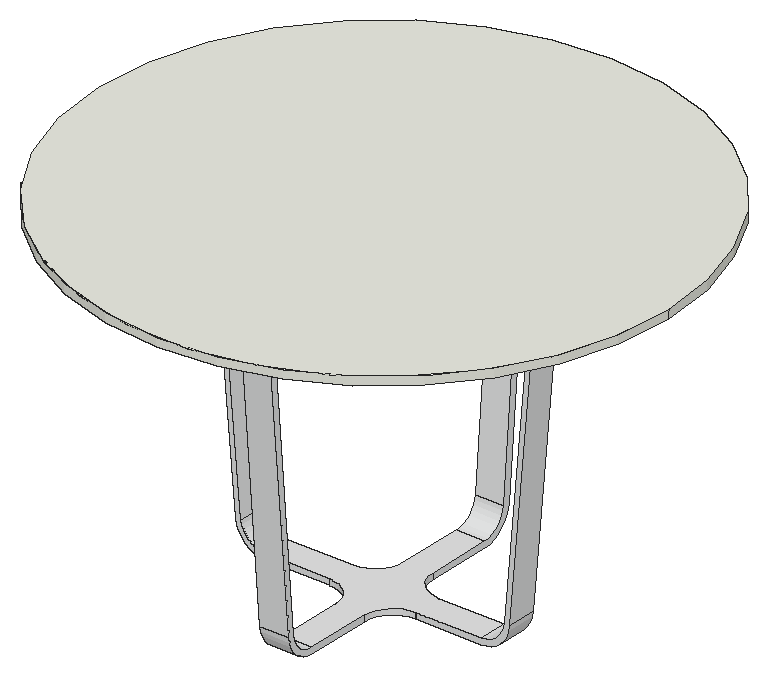
Revit family "Furniture-Table-Casual-Naughtone-Trace_Circular_Table_Large", category Furniture, Revit 2014
Parameters (values of type "TRA-1200")
  WarrantyStartDate = ""
  WarrantyGuarantorParts = "sales@naughtone.com"  # constant formula
  WarrantyGuarantorLabour = "sales@naughtone.com"  # constant formula
  WarrantyDuration = 60
  Uniclass = "Pr_40_50_21_58"  # constant formula
  URL = "http://www.naughtone.com"
  TypeName = "1200mmx1200mmx750mm, Trace Table Large"
  Type Comments = "Trace Table Large"  # constant formula
  TagNumber = 0
  SerialNumber = 0
  Product URL = "http://www.naughtone.com/portfolio-view/trace-large"  # constant formula
  Product Code = "TRA-1200"
  Option = ""
  Name = "Furniture-Table-Casual-Naughtone-Trace"
  Model = "Trace Circular Table 1200mm"
  Material Table Base [instance] = Metal-Silver-Brushed
  Material Table [instance] = Laminate-White-Smooth
  Manufacturer = "Naughtone"
  Length = 1200 mm
  InstallationDate = ""
  Height = 750 mm
  Features = ""
  Extidentifier = ""
  Description = "Trace Circular Table 1200mm"
  Depth = Length  # 1200 mm
  Current Revision = 1  # constant formula
  Created On = "11.08.2014"  # constant formula
  Created By = "www.bimbox.co.uk"  # constant formula
  Cost = 0
  Contact Telephone Number = "+44 1423 816500"  # constant formula
  Contact Email Address = "sales@naughtone.com"
  COBie Description = "Designed by InTheDetail, The trace table range is simply a modern classic that speaks for itself. Suffice to say, the immaculate hand made steel frame and repetition of shapes make trace an exquisitely balanced form."  # constant formula
  Barcode = 0
  Author = "BIMBox"  # constant formula
  AssetIdentifier = "TRA-1200"
Types (3, lengths in mm): name | TypeName | Product Code | Model | Length | Description | Depth | AssetIdentifier
  (no name) | "1200mmx1200mmx750mm, Trace Table Large" | "TRA-1200" | "Trace Circular Table 1200mm" | 1200 | "Trace Circular Table 1200mm" | 1200 | "TRA-1200"
  TRA-1200 | "1200mmx1200mmx750mm, Trace Table Large" | "TRA-1200" | "Trace Circular Table 1200mm" | 1200 | "Trace Circular Table 1200mm" | 1200 | "TRA-1200"
  TRA-1400 | "1400mmx1400mmx750mm, Trace Table Large" | "TRA-1400" | "Trace Circular Table 1400mm" | 1400 | "Trace Circular Table 1400mm" | 1400 | "TRA-1400"
Reference planes
  plane 1 "Center (Front/Back)": y = 0
  plane 2: z = 0
  plane 3 "Center (Left/Right)": x = 0
  plane 4: z = 750
  plane 5: z = 732
  plane 6: y = 600
  plane 7: y = -600
  plane 8: y = -348.722
  plane 9: y = 348.722
  plane 10: through (4267.2, 348.722, 732) normal (0, 0.9962, -0.0872)
  plane 11: through (4267.2, -348.722, 732) normal (0, 0.9962, 0.0872)
  plane 12: x = -600
  plane 13: x = 600
  plane 14: x = 348.722
  plane 15: through (348.722, -1524, 732) normal (0.9962, 0, -0.0872)
  plane 16: through (-348.722, -1524, 732) normal (0.9962, 0, 0.0872)
  plane 17: x = -348.722
Forms (mm)
  Extrusion 1, solid, material "Metal-Silver-Brushed" <- "Material Table Base"
    sketch origin (0, 0, 0) x (0, 1, 0) y (0, 0, 1)
      loop
        line (348.722, 732) -> (336.676, 732) -> (277.677, 57.642)
        arc (277.677, 57.642) -> (261.647, 25.136) -> (227.868, 12) r 50
        line (227.868, 12) -> (-227.868, 12)
        arc (-227.868, 12) -> (-261.647, 25.136) -> (-277.677, 57.642) r 50
        line (-277.677, 57.642) -> (-336.676, 732) -> (-348.722, 732) -> (-289.632, 56.596)
        arc (-289.632, 56.596) -> (-269.754, 16.289) -> (-227.868, 0) r 62
        line (-227.868, 0) -> (227.868, 0)
        arc (227.868, 0) -> (269.754, 16.289) -> (289.632, 56.596) r 62
        line (289.632, 56.596) -> (348.722, 732)
    from -30 to 30
  Extrusion 2, solid, material "Metal-Silver-Brushed" <- "Material Table Base"
    sketch origin (0, 0, 0) x (0, 1, 0) y (0, 0, 1)
      loop
        line (336.676, 732) -> (-336.676, 732) -> (-335.626, 720) -> (335.626, 720) -> (336.676, 732)
    from -12.416 to 12.584
  Extrusion 3, solid, material "Metal-Silver-Brushed" <- "Material Table Base"
    sketch origin (0, 0, 0) x (1, 0, 0) y (0, 0, 1)
      loop
        line (348.722, 732) -> (336.676, 732) -> (277.677, 57.642)
        arc (277.677, 57.642) -> (261.647, 25.136) -> (227.868, 12) r 50
        line (227.868, 12) -> (-227.868, 12)
        arc (-227.868, 12) -> (-261.647, 25.136) -> (-277.677, 57.642) r 50
        line (-277.677, 57.642) -> (-336.676, 732) -> (-348.722, 732) -> (-289.632, 56.596)
        arc (-289.632, 56.596) -> (-269.754, 16.289) -> (-227.868, 0) r 62
        line (-227.868, 0) -> (227.868, 0)
        arc (227.868, 0) -> (269.754, 16.289) -> (289.632, 56.596) r 62
        line (289.632, 56.596) -> (348.722, 732)
    from -30 to 30
  Extrusion 4, solid, material "Metal-Silver-Brushed" <- "Material Table Base"
    sketch origin (0, 0, 0) x (1, 0, 0) y (0, 0, 1)
      loop
        line (336.676, 732) -> (-336.676, 732) -> (-335.626, 720) -> (335.626, 720) -> (336.676, 732)
    from -12.416 to 12.584
  Extrusion 5, solid, material "Laminate-White-Smooth" <- "Material Table"
    sketch origin (0, 0, 0) x (1, 0, 0) y (0, 1, 0)
      loop
        circle (0, 0) r 600
    from 732 to 750
  Extrusion 6, solid, material "Metal-Silver-Brushed" <- "Material Table Base"
    sketch origin (0, 0, 750) x (1, 0, 0) y (0, 1, 0)
      loop
        line (-90, 90) -> (-90, -90) -> (90, -90) -> (90, 90) -> (-90, 90)
    from -750 to -738
  Extrusion 7, void
    sketch origin (0, 0, 750) x (0, 1, 0) y (1, 0, 0)
      loop
        circle (90, 90) r 59.8
    from 640.221 to 937.344
  Extrusion 8, void
    sketch origin (0, 0, 750) x (0, -1, 0) y (-1, 0, 0)
      loop
        circle (-90, 90) r 59.8
    from 640.221 to 937.344
  Extrusion 9, void
    sketch origin (0, 0, 750) x (0, 1, 0) y (1, 0, 0)
      loop
        circle (-90, 90) r 59.8
    from 640.221 to 937.344
  Extrusion 10, void
    sketch origin (0, 0, 750) x (0, -1, 0) y (-1, 0, 0)
      loop
        circle (90, 90) r 59.8
    from 640.221 to 937.344
Cuts and joins
  joined: Extrusion 2, Extrusion 4
  Extrusion 8, Extrusion 9, Extrusion 10 cuts Extrusion 1
  Extrusion 8, Extrusion 9, Extrusion 10 cuts Extrusion 3
  Extrusion 7, Extrusion 8, Extrusion 9, Extrusion 10 cuts Extrusion 6
  joined: Extrusion 1, Extrusion 3, Extrusion 6
  Extrusion 7 cuts Extrusion 5
Dimensions and locks
  "Height": plane 4 to plane 2
  "Length": plane 7 to plane 6
  equal spacing: plane 7, plane 1 "Center (Front/Back)", plane 6
  locked: plane 9 to plane 6 at 251.278
  locked: plane 7 to plane 8 at 251.278
  "Depth": plane 13 to plane 12
  locked: plane 13 to plane 14 at 251.278
  equal spacing: plane 13, plane 3 "Center (Left/Right)", plane 12
  locked: plane 17 to plane 12 at 251.278
  "Length": diameter of Extrusion 5 sketch curve
  locked: plane 10 to plane 9 (angle 5.00°)
  locked: plane 8 to plane 11 (angle 4.99999°)
  locked: plane 15 to plane 14 (angle 5.00°)
  locked: plane 17 to plane 16 (angle 4.99999°)
  aligned and locked: level to plane 2
  aligned and locked: cut or joined group of Extrusion 1, Extrusion 3, Extrusion 6, Extrusion 7, Extrusion 8, Extrusion 9, Extrusion 10 to plane 10
  aligned and locked: Extrusion 1 sketch curve to plane 10
  aligned and locked: plane 11 to cut or joined group of Extrusion 1, Extrusion 3, Extrusion 6, Extrusion 7, Extrusion 8, Extrusion 9, Extrusion 10
  aligned and locked: Extrusion 1 sketch curve to plane 11
  aligned and locked: Extrusion 2 sketch curve to cut or joined group of Extrusion 1, Extrusion 3, Extrusion 6, Extrusion 7, Extrusion 8, Extrusion 9, Extrusion 10
  aligned and locked: cut or joined group of Extrusion 1, Extrusion 3, Extrusion 6, Extrusion 7, Extrusion 8, Extrusion 9, Extrusion 10 to Extrusion 2 sketch curve
  aligned and locked: Extrusion 4 sketch curve to cut or joined group of Extrusion 1, Extrusion 3, Extrusion 6, Extrusion 7, Extrusion 8, Extrusion 9, Extrusion 10
  aligned and locked: cut or joined group of Extrusion 1, Extrusion 3, Extrusion 6, Extrusion 7, Extrusion 8, Extrusion 9, Extrusion 10 to Extrusion 4 sketch curve
  aligned and locked: Extrusion 3 sketch curve to plane 16
  aligned and locked: Extrusion 3 sketch curve to plane 15
Automatic sketch dimensions
  plane 5 to Extrusion 1 sketch curve = 0 mm  (x2)
  Extrusion 1 sketch curve to level = 0 mm
  Extrusion 1 sketch curve to Extrusion 1 sketch curve = 12.046 mm  (x2)
  level to Extrusion 1 sketch curve = 56.596 mm  (x2)
  level to Extrusion 1 sketch curve = 57.642 mm  (x2)
  Extrusion 1 sketch curve to Extrusion 1 sketch curve = 11.954 mm  (x2)
  Extrusion 1 sketch curve to Extrusion 1 sketch curve = 49.81 mm  (x2)
  Extrusion 1 sketch curve to Extrusion 1 sketch curve = 0 mm  (x2)
  level to Extrusion 1 sketch curve = 12 mm
  plane 5 to Extrusion 2 sketch curve = 0 mm
  Extrusion 2 sketch curve to Extrusion 2 sketch curve = 1.05 mm
  Extrusion 3 sketch curve to plane 5 = 0 mm  (x2)
  Extrusion 3 sketch curve to level = 0 mm
  Extrusion 3 sketch curve to Extrusion 3 sketch curve = 12.046 mm  (x2)
  level to Extrusion 3 sketch curve = 56.596 mm  (x2)
  level to Extrusion 3 sketch curve = 57.642 mm  (x2)
  Extrusion 3 sketch curve to Extrusion 3 sketch curve = 11.954 mm  (x2)
  Extrusion 3 sketch curve to Extrusion 3 sketch curve = 49.81 mm  (x2)
  Extrusion 3 sketch curve to Extrusion 3 sketch curve = 0 mm  (x2)
  level to Extrusion 3 sketch curve = 12 mm
  Extrusion 4 sketch curve to plane 5 = 0 mm
  Extrusion 4 sketch curve to Extrusion 4 sketch curve = 1.05 mm
  Extrusion 6 sketch curve to Extrusion 6 sketch curve = 180 mm  (x2)
  plane 1 "Center (Front/Back)" to Extrusion 5 sketch curve = 0 mm
  Extrusion 5 sketch curve to plane 3 "Center (Left/Right)" = 0 mm
  radius of Extrusion 7 sketch curve = 59.8 mm
  radius of Extrusion 8 sketch curve = 59.8 mm
  radius of Extrusion 9 sketch curve = 59.8 mm
  radius of Extrusion 10 sketch curve = 59.8 mm
